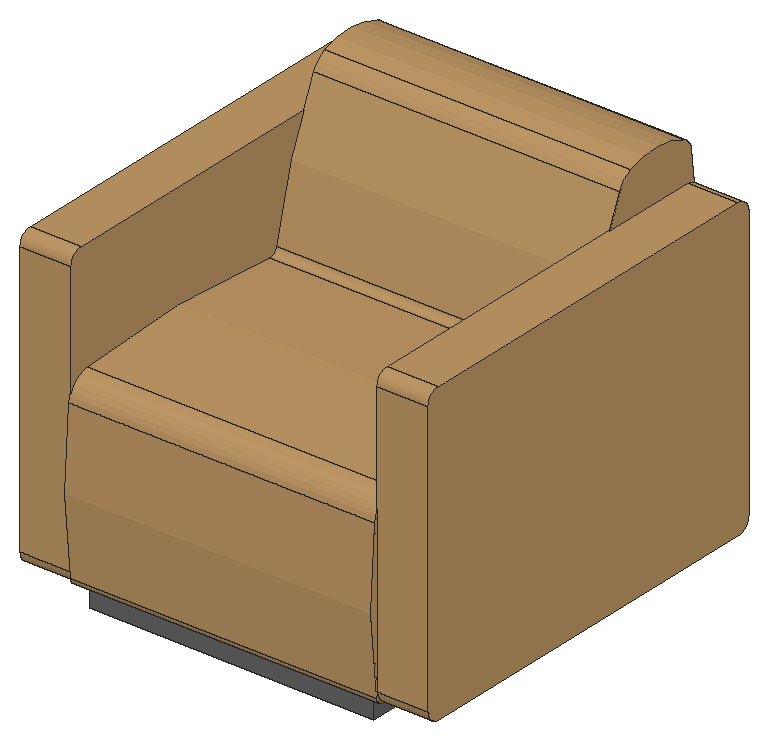
Revit family "FU_Modular_Sandler_Pau 1210TA", category Furniture, Revit 2022
Family settings
  OmniClass Number = 23.40.20.00
  OmniClass Title = General Furniture and Specialties
  Work Plane-Based = No
  Always vertical = Yes
  Cut with Voids When Loaded = No
  Render Appearance Source = Family Geometry
  Shared = No
  Room Calculation Point = No
Parameters (values of type "PAU 1210TA")
  Width = 800 mm
  URL = "https://www.sandlerseating.com/product/pau1210ta/"
  Seat [instance] = Fabric - Gravity - Sunni CPC20
  Model = "PAU1210TA"
  Manufacturer = "Sandler"
  Height = 720 mm
  Description = "Upholstered armchair with upholstered armrest. Width 80cm / 31.5\"."
  Depth = 800 mm
  Default Elevation = 0 mm
  Base [instance] = Lacquer - W1 - B00 Black
Reference planes
  plane 1 "Center (Front/Back)": y = 0
  plane 2: z = 0
  plane 3 "Center (Left/Right)": x = 0
  plane 4 "Right": x = -400
  plane 5 "Left": x = 400
  plane 6 "Back": y = 400
  plane 7 "Front": y = -400
  plane 8 "Height": z = 720
  plane 9 "Seat height": z = 420
  plane 10 "Base Right": x = -279
  plane 11 "Base Back": y = 366.687
  plane 12 "Base Left": x = 279
  plane 13 "Base Front": y = -366.901
  plane 14 "Base Top": z = 40
  plane 15 "Right Arm": x = -300
  plane 16 "Left Arm": x = 300
Forms (mm)
  Extrusion 1, solid, material "Lacquer - W1 - B00 Black" <- "Base"
    sketch origin (0, 0, 0) x (1, 0, 0) y (0, 1, 0)
      loop
        line (-279, 366.687) -> (-279, -366.901) -> (279, -366.901) -> (279, 366.687) -> (-279, 366.687)
    from 0 to 40
  Extrusion 2, solid, material "Fabric - Gravity - Sunni CPC20" <- "Seat"
    sketch origin (0, 0, 0) x (0, 1, 0) y (0, 0, 1)
      loop
        arc (-347.109, 408.238) -> (-376.551, 394.157) -> (-391.033, 364.911) r 50
        arc (-391.033, 364.911) -> (-399.905, 208.642) -> (-386.679, 52.681) r 1108.576
        arc (-386.679, 52.681) -> (-381.612, 43.603) -> (-371.859, 40) r 15
        line (-371.859, 40) -> (374.029, 40)
        arc (374.029, 40) -> (380.395, 42.288) -> (383.848, 48.104) r 10
        arc (383.848, 48.104) -> (399.882, 210.98) -> (385.633, 374.022) r 884.51
        arc (385.633, 374.022) -> (383.344, 399.87) -> (385.795, 425.704) r 142.036
        arc (385.795, 425.704) -> (397.5, 553.207) -> (385.031, 680.637) r 678.162
        arc (385.031, 680.637) -> (378.627, 694.761) -> (366.547, 704.486) r 33.492
        arc (366.547, 704.486) -> (302.388, 719.935) -> (237.455, 708.154) r 159.868
        arc (237.455, 708.154) -> (220.834, 697.678) -> (208.813, 682.137) r 56.417
        arc (208.813, 682.137) -> (152.848, 552.661) -> (116.957, 416.25) r 936.801
        arc (116.957, 416.25) -> (111.022, 406.829) -> (100.228, 404.095) r 15
        arc (100.228, 404.095) -> (-123.313, 419.929) -> (-347.109, 408.238) r 1824.42
    from -300 to 300
  Extrusion 3, solid, material "Fabric - Gravity - Sunni CPC20" <- "Seat"
    sketch origin (400, 0, 0) x (0, -1, 0) y (0, 0, 1)
      loop
        arc (360, 40) -> (377.678, 47.322) -> (385, 65) r 25
        line (385, 65) -> (385, 600)
        arc (385, 600) -> (377.678, 617.678) -> (360, 625) r 25
        line (360, 625) -> (-375, 625)
        arc (-375, 625) -> (-392.678, 617.678) -> (-400, 600) r 25
        line (-400, 600) -> (-400, 65)
        arc (-400, 65) -> (-392.678, 47.322) -> (-375, 40) r 25
        line (-375, 40) -> (360, 40)
    from 0 to 100
  Extrusion 4, solid, material "Fabric - Gravity - Sunni CPC20" <- "Seat"
    sketch origin (-400, 0, 0) x (0, -1, 0) y (0, 0, 1)
      loop
        arc (360, 40) -> (377.678, 47.322) -> (385, 65) r 25
        line (385, 65) -> (385, 600)
        arc (385, 600) -> (377.678, 617.678) -> (360, 625) r 25
        line (360, 625) -> (-375, 625)
        arc (-375, 625) -> (-392.678, 617.678) -> (-400, 600) r 25
        line (-400, 600) -> (-400, 65)
        arc (-400, 65) -> (-392.678, 47.322) -> (-375, 40) r 25
        line (-375, 40) -> (360, 40)
    from 0 to -100
Dimensions and locks
  equal spacing: plane 4 "Right", plane 3 "Center (Left/Right)", plane 5 "Left"
  "Width": plane 4 "Right" to plane 5 "Left"
  equal spacing: plane 6 "Back", plane 1 "Center (Front/Back)", plane 7 "Front"
  "Depth": plane 6 "Back" to plane 7 "Front"
  "Height": plane 8 "Height" to level
  plane 9 "Seat height" to level = 420 mm
  locked: plane 6 "Back" to plane 11 "Base Back" at 33.313
  locked: plane 13 "Base Front" to plane 7 "Front" at 33.099
  plane 4 "Right" to plane 15 "Right Arm" to plane 10 "Base Right" = 100 mm locked, 21 mm locked
  plane 12 "Base Left" to plane 16 "Left Arm" to plane 5 "Left" = 21 mm locked, 100 mm locked
  aligned and locked: level to plane 2
  aligned and locked: plane 11 "Base Back" to Extrusion 1 sketch curve
  aligned and locked: Extrusion 1 sketch curve to plane 10 "Base Right"
  aligned and locked: plane 13 "Base Front" to Extrusion 1 sketch curve
  aligned and locked: Extrusion 1 sketch curve to plane 12 "Base Left"
  aligned and locked: Extrusion 2 to plane 15 "Right Arm"
  aligned and locked: plane 16 "Left Arm" to Extrusion 2
  aligned and locked: Extrusion 3 to plane 16 "Left Arm"
  aligned and locked: plane 15 "Right Arm" to Extrusion 4
Automatic sketch dimensions
  plane 14 "Base Top" to Extrusion 2 sketch curve = 0 mm
  Extrusion 2 sketch curve to plane 7 "Front" = 84.615 mm
  Extrusion 2 sketch curve to plane 13 "Base Front" = 4.958 mm
  plane 13 "Base Front" to Extrusion 2 sketch curve = 25.463 mm
  plane 13 "Base Front" to Extrusion 2 sketch curve = 86.242 mm
  plane 1 "Center (Front/Back)" to Extrusion 2 sketch curve = 140.209 mm
  Extrusion 2 sketch curve to plane 9 "Seat height" = 1.036 mm
  Extrusion 2 sketch curve to plane 1 "Center (Front/Back)" = 102.204 mm
  plane 11 "Base Back" to Extrusion 2 sketch curve = 107.92 mm
  plane 11 "Base Back" to Extrusion 2 sketch curve = 68.841 mm
  plane 11 "Base Back" to Extrusion 2 sketch curve = 14.533 mm
  Extrusion 2 sketch curve to plane 11 "Base Back" = 7.342 mm
  Extrusion 2 sketch curve to plane 9 "Seat height" = 20.575 mm
  plane 6 "Back" to Extrusion 2 sketch curve = 125.379 mm
  Extrusion 2 sketch curve to Extrusion 2 sketch curve = 183.184 mm
  Extrusion 2 sketch curve to Extrusion 2 sketch curve = 329.735 mm
  Extrusion 2 sketch curve to level = 1404.412 mm
  Extrusion 2 sketch curve to plane 14 "Base Top" = 10 mm
  Extrusion 2 sketch curve to plane 14 "Base Top" = 15 mm
  Extrusion 2 sketch curve to plane 14 "Base Top" = 175.825 mm
  Extrusion 2 sketch curve to plane 14 "Base Top" = 184.101 mm
  Extrusion 2 sketch curve to plane 9 "Seat height" = 173.236 mm
  Extrusion 2 sketch curve to plane 9 "Seat height" = 61.44 mm
  plane 9 "Seat height" to Extrusion 2 sketch curve = 131.174 mm
  plane 9 "Seat height" to Extrusion 2 sketch curve = 140.132 mm
  Extrusion 2 sketch curve to plane 8 "Height" = 64.082 mm
  Extrusion 2 sketch curve to plane 8 "Height" = 45.757 mm
  plane 7 "Front" to Extrusion 2 sketch curve = 8.967 mm
  Extrusion 2 sketch curve to Extrusion 2 sketch curve = 0 mm  (x10)
  Extrusion 3 sketch curve to plane 6 "Back" = 0 mm
  plane 14 "Base Top" to Extrusion 3 sketch curve = 0 mm
  Extrusion 3 sketch curve to plane 11 "Base Back" = 8.313 mm  (x2)
  plane 13 "Base Front" to Extrusion 3 sketch curve = 6.901 mm  (x2)
  plane 7 "Front" to Extrusion 3 sketch curve = 15 mm
  Extrusion 3 sketch curve to plane 8 "Height" = 120 mm
  Extrusion 4 sketch curve to plane 6 "Back" = 0 mm
  plane 14 "Base Top" to Extrusion 4 sketch curve = 0 mm
  Extrusion 4 sketch curve to plane 11 "Base Back" = 8.313 mm  (x2)
  plane 13 "Base Front" to Extrusion 4 sketch curve = 6.901 mm  (x2)
  plane 7 "Front" to Extrusion 4 sketch curve = 15 mm
  Extrusion 4 sketch curve to plane 8 "Height" = 120 mm
